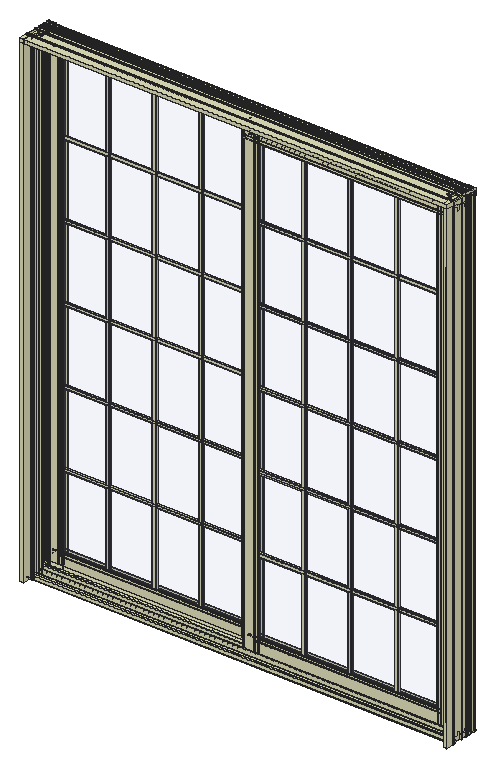
Revit family (continued)
Forms (in)
  Sweep 16, solid, material "Pella-Exterior Clad-Tan" <- "Exterior Finish"
    profile origin (-34.5, 2.95276, 40.75) x (-1, 0, 0) y (0, -1, 0)
      loop
        line (-1.87399, 1.57586) -> (-1.87399, 0.74725)
        arc (-1.87399, 0.74725) -> (-1.8556, 0.69995) -> (-1.81009, 0.67751) r 0.07
        line (-1.81009, 0.67751) -> (-1.61308, 0.66028)
        arc (-1.61308, 0.66028) -> (-1.57885, 0.6172) -> (-1.61308, 0.57411) r 0.04423
        line (-1.61308, 0.57411) -> (-1.76602, 0.55131)
        arc (-1.76602, 0.55131) -> (-1.80122, 0.55432) -> (-1.81979, 0.52426) r 0.03372
        arc (-1.81979, 0.52426) -> (-1.8065, 0.49217) -> (-1.7744, 0.47887) r 0.04539
        line (-1.7744, 0.47887) -> (-0.03612, 0.47887)
        arc (-0.03612, 0.47887) -> (0.03467, 0.5082) -> (0.064, 0.579) r 0.10012
        line (0.064, 0.579) -> (0.064, 1.63986)
        arc (0.064, 1.63986) -> (0.03607, 1.70921) -> (-0.03211, 1.73986) r 0.10008
        line (-0.03211, 1.73986) -> (-1.79461, 1.73986)
        arc (-1.79461, 1.73986) -> (-1.84782, 1.73157) -> (-1.89599, 1.7075) r 0.175
      loop
        arc (-1.55158, 0.68241) -> (-1.53113, 0.64953) -> (-1.52399, 0.61148) r 0.105
        line (-1.52399, 0.61148) -> (-1.52399, 0.5791)
        arc (-1.52399, 0.5791) -> (-1.51081, 0.54728) -> (-1.47899, 0.5341) r 0.045
        line (-1.47899, 0.5341) -> (-0.03608, 0.5341)
        arc (-0.03608, 0.5341) -> (-0.00426, 0.54728) -> (0.00892, 0.5791) r 0.045
        line (0.00892, 0.5791) -> (0.00892, 1.63986)
        arc (0.00892, 1.63986) -> (-0.00426, 1.67168) -> (-0.03608, 1.68486) r 0.045
        line (-0.03608, 1.68486) -> (-1.75899, 1.68486)
        arc (-1.75899, 1.68486) -> (-1.79081, 1.67168) -> (-1.80399, 1.63986) r 0.045
        line (-1.80399, 1.63986) -> (-1.80399, 0.77342)
        arc (-1.80399, 0.77342) -> (-1.79217, 0.74302) -> (-1.76291, 0.72859) r 0.045
        line (-1.76291, 0.72859) -> (-1.61984, 0.71608)
        arc (-1.61984, 0.71608) -> (-1.58255, 0.70565) -> (-1.55158, 0.68241) r 0.105
  Sweep 17, solid, material "Pella-Exterior Clad-Tan" <- "Exterior Finish"
    path origin (0, 2.95276, 0) x (1, 0, 0) y (0, 0, 1)
      loop
        line (-34.5, 78.37601) -> (-34.5, 3.09358)
    profile origin (-34.5, 2.95276, 40.7348) x (0, -1, 0) y (1, 0, 0)
      loop
        arc (0.54962, 1.82012) -> (0.57388, 1.79258) -> (0.55265, 1.76264) r 0.02957
        line (0.55265, 1.76264) -> (0.61811, 1.62224)
        arc (0.61811, 1.62224) -> (0.64946, 1.60915) -> (0.6654, 1.63914) r 0.02522
        line (0.6654, 1.63914) -> (0.61319, 1.75108)
        arc (0.61319, 1.75108) -> (0.61224, 1.83256) -> (0.54015, 1.87053) r 0.07961
        line (0.54015, 1.87053) -> (0.54015, 2.37194)
        arc (0.54015, 2.37194) -> (0.55441, 2.39221) -> (0.55807, 2.41673) r 0.05376
        arc (0.55807, 2.41673) -> (0.55224, 2.4308) -> (0.53818, 2.43662) r 0.01989
        arc (0.53818, 2.43662) -> (0.50736, 2.43215) -> (0.49019, 2.40617) r 0.03806
        line (0.49019, 2.40617) -> (0.49019, 1.88933)
        arc (0.49019, 1.88933) -> (0.50709, 1.84372) -> (0.54962, 1.82012) r 0.07001
  Sweep 18, solid, material "Pella-Exterior Clad-Tan" <- "Exterior Finish"
    path origin (0, 2.95276, 0) x (1, 0, 0) y (0, 0, 1)
      loop
        line (-1.53396, 3.09358) -> (-1.53396, 78.37601)
    profile origin (-1.53396, 2.95276, 40.7348) x (-1, 0, 0) y (0, -1, 0)
      loop
        arc (-0.05387, 0.54962) -> (-0.03027, 0.50709) -> (0.01534, 0.49019) r 0.07001
        line (0.01534, 0.49019) -> (0.53218, 0.49019)
        arc (0.53218, 0.49019) -> (0.55816, 0.50736) -> (0.56263, 0.53818) r 0.03806
        arc (0.56263, 0.53818) -> (0.55681, 0.55224) -> (0.54274, 0.55807) r 0.01989
        arc (0.54274, 0.55807) -> (0.51822, 0.55441) -> (0.49794, 0.54015) r 0.05376
        line (0.49794, 0.54015) -> (-0.00346, 0.54015)
        arc (-0.00346, 0.54015) -> (-0.04143, 0.61224) -> (-0.12291, 0.61319) r 0.07961
        line (-0.12291, 0.61319) -> (-0.23485, 0.6654)
        arc (-0.23485, 0.6654) -> (-0.26484, 0.64946) -> (-0.25175, 0.61811) r 0.02522
        line (-0.25175, 0.61811) -> (-0.11135, 0.55265)
        arc (-0.11135, 0.55265) -> (-0.08141, 0.57388) -> (-0.05387, 0.54962) r 0.02957
  Sweep 19, solid, material "Pella-Exterior Clad-Tan" <- "Exterior Finish"
    path origin (0, 2.95276, 0) x (1, 0, 0) y (0, 0, 1)
      loop
        line (0, 1.25) -> (0, 80.25)
    profile origin (0, 2.95276, 40.75) x (-1, 0, 0) y (0, -1, 0)
      loop
        arc (1.55596, 1.7075) -> (1.50779, 1.73157) -> (1.45458, 1.73986) r 0.175
        line (1.45458, 1.73986) -> (-0.30792, 1.73986)
        arc (-0.30792, 1.73986) -> (-0.37611, 1.70921) -> (-0.40404, 1.63986) r 0.10008
        line (-0.40404, 1.63986) -> (-0.40404, 0.579)
        arc (-0.40404, 0.579) -> (-0.37471, 0.5082) -> (-0.30391, 0.47887) r 0.10012
        line (-0.30391, 0.47887) -> (1.43437, 0.47887)
        arc (1.43437, 0.47887) -> (1.46646, 0.49217) -> (1.47976, 0.52426) r 0.04539
        arc (1.47976, 0.52426) -> (1.46119, 0.55432) -> (1.42598, 0.55131) r 0.03372
        line (1.42598, 0.55131) -> (1.27304, 0.57411)
        arc (1.27304, 0.57411) -> (1.23882, 0.6172) -> (1.27304, 0.66028) r 0.04423
        line (1.27304, 0.66028) -> (1.47006, 0.67751)
        arc (1.47006, 0.67751) -> (1.51557, 0.69995) -> (1.53396, 0.74725) r 0.07
        line (1.53396, 0.74725) -> (1.53396, 1.57586)
        arc (1.53396, 1.57586) -> (1.54714, 1.60768) -> (1.57896, 1.62086) r 0.045
        line (1.57896, 1.62086) -> (2.00507, 1.62086)
        arc (2.00507, 1.62086) -> (2.02055, 1.61445) -> (2.02696, 1.59897) r 0.02189
        arc (2.02696, 1.59897) -> (2.03281, 1.58483) -> (2.04696, 1.57897) r 0.02
        line (2.04696, 1.57897) -> (2.08042, 1.57897)
        arc (2.08042, 1.57897) -> (2.09258, 1.5929) -> (2.09696, 1.61086) r 0.03901
        arc (2.09696, 1.61086) -> (2.07353, 1.66743) -> (2.01696, 1.69086) r 0.08
        line (2.01696, 1.69086) -> (1.6081, 1.69086)
        arc (1.6081, 1.69086) -> (1.58073, 1.69512) -> (1.55596, 1.7075) r 0.09
      loop
        arc (1.21154, 0.68241) -> (1.24252, 0.70565) -> (1.27981, 0.71608) r 0.105
        line (1.27981, 0.71608) -> (1.42288, 0.72859)
        arc (1.42288, 0.72859) -> (1.45213, 0.74302) -> (1.46396, 0.77342) r 0.045
        line (1.46396, 0.77342) -> (1.46396, 1.63986)
        arc (1.46396, 1.63986) -> (1.45078, 1.67168) -> (1.41896, 1.68486) r 0.045
        line (1.41896, 1.68486) -> (-0.30395, 1.68486)
        arc (-0.30395, 1.68486) -> (-0.33577, 1.67168) -> (-0.34895, 1.63986) r 0.045
        line (-0.34895, 1.63986) -> (-0.34895, 0.5791)
        arc (-0.34895, 0.5791) -> (-0.33577, 0.54728) -> (-0.30395, 0.5341) r 0.045
        line (-0.30395, 0.5341) -> (1.13896, 0.5341)
        arc (1.13896, 0.5341) -> (1.17078, 0.54728) -> (1.18396, 0.5791) r 0.045
        line (1.18396, 0.5791) -> (1.18396, 0.61148)
        arc (1.18396, 0.61148) -> (1.1911, 0.64953) -> (1.21154, 0.68241) r 0.105
  Sweep 20, solid, material "Pella-Exterior Clad-Tan" <- "Exterior Finish"
    path origin (0, 2.95276, 0) x (1, 0, 0) y (0, 0, 1)
      loop
        line (1.53396, 78.37601) -> (1.53396, 3.09358)
    profile origin (1.53396, 2.95276, 40.7348) x (0, -1, 0) y (1, 0, 0)
      loop
        arc (2.30574, -0.05387) -> (2.32999, -0.08141) -> (2.30876, -0.11135) r 0.02957
        line (2.30876, -0.11135) -> (2.37423, -0.25175)
        arc (2.37423, -0.25175) -> (2.40557, -0.26484) -> (2.42151, -0.23485) r 0.02522
        line (2.42151, -0.23485) -> (2.3693, -0.12291)
        arc (2.3693, -0.12291) -> (2.36836, -0.04143) -> (2.29626, -0.00346) r 0.07961
        line (2.29626, -0.00346) -> (2.29626, 0.49794)
        arc (2.29626, 0.49794) -> (2.31053, 0.51822) -> (2.31418, 0.54274) r 0.05376
        arc (2.31418, 0.54274) -> (2.30836, 0.55681) -> (2.29429, 0.56263) r 0.01989
        arc (2.29429, 0.56263) -> (2.26347, 0.55816) -> (2.24631, 0.53218) r 0.03806
        line (2.24631, 0.53218) -> (2.24631, 0.01534)
        arc (2.24631, 0.01534) -> (2.2632, -0.03027) -> (2.30574, -0.05387) r 0.07001
  Extrusion 21, solid, material "Pella-Argon Filled, Low-E Insulating Glass" <- "Glazing Type"
    sketch origin (0, 0.63857, 0) x (-1, 0, 0) y (0, 0, 1)
      loop
        line (-32.54727, 3.17232) -> (-1.6127, 3.17232) -> (-1.6127, 78.29727) -> (-32.54727, 78.29727) -> (-32.54727, 3.17232)
    from 0 to -0.11811
  Extrusion 22, solid, material "Pella-Argon Filled, Low-E Insulating Glass" <- "Glazing Type"
    sketch origin (0, -0.25721, 0) x (-1, 0, 0) y (0, 0, 1)
      loop
        line (-32.54727, 78.29727) -> (-32.54727, 3.17232) -> (-1.6127, 3.17232) -> (-1.6127, 78.29727) -> (-32.54727, 78.29727)
    from 0 to -0.11811
  Sweep 23, solid, material "Pella-Exterior Clad-Tan" <- "Exterior Finish"
    path origin (0, 0.63857, 0) x (-1, 0, 0) y (0, 0, 1)
      loop
        line (-0.42644, 1.25) -> (34.5, 1.25)
    profile origin (-17.03678, 0.63857, 1.25) x (0, 0, 1) y (0, 1, 0)
      loop
        arc (1.86558, 0.61369) -> (1.89036, 0.62607) -> (1.91772, 0.63033) r 0.09
        line (1.91772, 0.63033) -> (2.32658, 0.63033)
        arc (2.32658, 0.63033) -> (2.38315, 0.65376) -> (2.40658, 0.71033) r 0.08
        arc (2.40658, 0.71033) -> (2.4022, 0.72829) -> (2.39005, 0.74222) r 0.03901
        line (2.39005, 0.74222) -> (2.35658, 0.74222)
        arc (2.35658, 0.74222) -> (2.34244, 0.73636) -> (2.33658, 0.72222) r 0.02
        arc (2.33658, 0.72222) -> (2.33017, 0.70674) -> (2.3147, 0.70033) r 0.02189
        line (2.3147, 0.70033) -> (1.88858, 0.70033)
        arc (1.88858, 0.70033) -> (1.85676, 0.71351) -> (1.84358, 0.74533) r 0.045
        line (1.84358, 0.74533) -> (1.84358, 1.57394)
        arc (1.84358, 1.57394) -> (1.82519, 1.62123) -> (1.77968, 1.64368) r 0.07
        line (1.77968, 1.64368) -> (1.58267, 1.66091)
        arc (1.58267, 1.66091) -> (1.54844, 1.70399) -> (1.58267, 1.74707) r 0.04423
        line (1.58267, 1.74707) -> (1.73561, 1.76988)
        arc (1.73561, 1.76988) -> (1.77082, 1.76687) -> (1.78938, 1.79693) r 0.03372
        arc (1.78938, 1.79693) -> (1.77609, 1.82902) -> (1.74399, 1.84231) r 0.04539
        line (1.74399, 1.84231) -> (0.00572, 1.84231)
        arc (0.00572, 1.84231) -> (-0.06508, 1.81299) -> (-0.09441, 1.74219) r 0.10012
        line (-0.09441, 1.74219) -> (-0.09441, 0.68133)
        arc (-0.09441, 0.68133) -> (-0.06648, 0.61198) -> (0.0017, 0.58133) r 0.10008
        line (0.0017, 0.58133) -> (1.7642, 0.58133)
        arc (1.7642, 0.58133) -> (1.81741, 0.58962) -> (1.86558, 0.61369) r 0.175
      loop
        arc (1.52117, 1.63878) -> (1.50072, 1.67166) -> (1.49358, 1.70971) r 0.105
        line (1.49358, 1.70971) -> (1.49358, 1.74209)
        arc (1.49358, 1.74209) -> (1.4804, 1.77391) -> (1.44858, 1.78709) r 0.045
        line (1.44858, 1.78709) -> (0.00567, 1.78709)
        arc (0.00567, 1.78709) -> (-0.02615, 1.77391) -> (-0.03933, 1.74209) r 0.045
        line (-0.03933, 1.74209) -> (-0.03933, 0.68133)
        arc (-0.03933, 0.68133) -> (-0.02615, 0.64951) -> (0.00567, 0.63633) r 0.045
        line (0.00567, 0.63633) -> (1.72858, 0.63633)
        arc (1.72858, 0.63633) -> (1.7604, 0.64951) -> (1.77358, 0.68133) r 0.045
        line (1.77358, 0.68133) -> (1.77358, 1.54777)
        arc (1.77358, 1.54777) -> (1.76176, 1.57817) -> (1.7325, 1.59259) r 0.045
        line (1.7325, 1.59259) -> (1.58943, 1.60511)
        arc (1.58943, 1.60511) -> (1.55214, 1.61554) -> (1.52117, 1.63878) r 0.105
  Sweep 24, solid, material "Pella-Exterior Clad-Tan" <- "Exterior Finish"
    path origin (0, 0.63857, 0) x (-1, 0, 0) y (0, 0, 1)
      loop
        line (-0.42644, 1.25) -> (34.5, 1.25)
    profile origin (-17.03678, 0.63857, 1.25) x (0, 0, 1) y (0, 1, 0)
      loop
        arc (1.78971, 1.76456) -> (1.76217, 1.7403) -> (1.73223, 1.76154) r 0.02957
        line (1.73223, 1.76154) -> (1.59183, 1.69607)
        arc (1.59183, 1.69607) -> (1.57874, 1.66472) -> (1.60873, 1.64878) r 0.02522
        line (1.60873, 1.64878) -> (1.72067, 1.70099)
        arc (1.72067, 1.70099) -> (1.80215, 1.70194) -> (1.84012, 1.77404) r 0.07961
        line (1.84012, 1.77404) -> (2.34153, 1.77404)
        arc (2.34153, 1.77404) -> (2.3618, 1.75977) -> (2.38632, 1.75611) r 0.05376
        arc (2.38632, 1.75611) -> (2.40039, 1.76194) -> (2.40621, 1.776) r 0.01989
        arc (2.40621, 1.776) -> (2.40174, 1.80682) -> (2.37576, 1.82399) r 0.03806
        line (2.37576, 1.82399) -> (1.85892, 1.82399)
        arc (1.85892, 1.82399) -> (1.81331, 1.80709) -> (1.78971, 1.76456) r 0.07001
  Sweep 25, solid, material "Pella-Exterior Clad-Tan" <- "Exterior Finish"
    path origin (0, 0.63857, 0) x (-1, 0, 0) y (0, 0, 1)
      loop
        line (-0.42644, 80.25) -> (34.5, 80.25)
    profile origin (-17.03678, 0.63857, 80.25) x (0, 0, 1) y (0, 1, 0)
      loop
        arc (-1.82012, 1.76456) -> (-1.84372, 1.80709) -> (-1.88933, 1.82399) r 0.07001
        line (-1.88933, 1.82399) -> (-2.40617, 1.82399)
        arc (-2.40617, 1.82399) -> (-2.43215, 1.80682) -> (-2.43662, 1.776) r 0.03806
        arc (-2.43662, 1.776) -> (-2.4308, 1.76194) -> (-2.41673, 1.75611) r 0.01989
        arc (-2.41673, 1.75611) -> (-2.39221, 1.75977) -> (-2.37194, 1.77404) r 0.05376
        line (-2.37194, 1.77404) -> (-1.87053, 1.77404)
        arc (-1.87053, 1.77404) -> (-1.83256, 1.70194) -> (-1.75108, 1.70099) r 0.07961
        line (-1.75108, 1.70099) -> (-1.63914, 1.64878)
        arc (-1.63914, 1.64878) -> (-1.60915, 1.66472) -> (-1.62224, 1.69607) r 0.02522
        line (-1.62224, 1.69607) -> (-1.76264, 1.76154)
        arc (-1.76264, 1.76154) -> (-1.79258, 1.7403) -> (-1.82012, 1.76456) r 0.02957
  Sweep 26, solid, material "Pella-Exterior Clad-Tan" <- "Grille Finish", visible <- "Vertical Mullion 3"
    path origin (0, 2.39469, 0) x (0, 0, -1) y (1, 0, 0)
      loop
        line (-3.09358, 17.07998) -> (-78.37601, 17.07998)
    profile origin (17.07998, 2.39469, 40.7348) x (-1, 0, 0) y (0, -1, 0)
      loop
        line (-0.375, 2.33196) -> (-0.375, 2.19417) -> (-0.21555, 2.17734) -> (-0.19685, 2.14495) -> (0.19685, 2.14495) -> (0.21555, 2.17734) -> (0.375, 2.19417) -> (0.375, 2.33196) -> (0.21555, 2.34878) -> (0.19685, 2.38117) -> (-0.19685, 2.38117) -> (-0.21555, 2.34878) -> (-0.375, 2.33196)
      loop
        line (7.39801, 2.33196) -> (7.39801, 2.19417) -> (7.55746, 2.17734) -> (7.57616, 2.14495) -> (7.96986, 2.14495) -> (7.98856, 2.17734) -> (8.14801, 2.19417) -> (8.14801, 2.33196) -> (7.98856, 2.34878) -> (7.96986, 2.38117) -> (7.57616, 2.38117) -> (7.55746, 2.34878) -> (7.39801, 2.33196)
      loop
        line (-8.14801, 2.33196) -> (-8.14801, 2.19417) -> (-7.98856, 2.17734) -> (-7.96986, 2.14495) -> (-7.57616, 2.14495) -> (-7.55746, 2.17734) -> (-7.39801, 2.19417) -> (-7.39801, 2.33196) -> (-7.55746, 2.34878) -> (-7.57616, 2.38117) -> (-7.96986, 2.38117) -> (-7.98856, 2.34878) -> (-8.14801, 2.33196)
  Sweep 27, solid, material "Pella-Exterior Clad-Tan" <- "Grille Finish", visible <- "Vertical Mullion 3"
    path origin (0, 0.63857, 0) x (-1, 0, 0) y (0, 0, 1)
      loop
        line (17.07998, 3.09358) -> (17.07998, 78.37601)
    profile origin (-17.07998, 0.63857, 40.7348) x (1, 0, 0) y (0, 1, 0)
      loop
        line (-0.375, 1.18027) -> (-0.21555, 1.16345) -> (-0.19685, 1.13106) -> (0.19685, 1.13106) -> (0.21555, 1.16345) -> (0.375, 1.18027) -> (0.375, 1.31806) -> (0.21555, 1.33488) -> (0.19685, 1.36728) -> (-0.19685, 1.36728) -> (-0.21555, 1.33488) -> (-0.375, 1.31806) -> (-0.375, 1.18027)
      loop
        line (-7.39801, 1.18027) -> (-7.39801, 1.31806) -> (-7.55746, 1.33488) -> (-7.57616, 1.36728) -> (-7.96986, 1.36728) -> (-7.98856, 1.33488) -> (-8.14801, 1.31806) -> (-8.14801, 1.18027) -> (-7.98856, 1.16345) -> (-7.96986, 1.13106) -> (-7.57616, 1.13106) -> (-7.55746, 1.16345) -> (-7.39801, 1.18027)
      loop
        line (8.14801, 1.18027) -> (8.14801, 1.31806) -> (7.98856, 1.33488) -> (7.96986, 1.36728) -> (7.57616, 1.36728) -> (7.55746, 1.33488) -> (7.39801, 1.31806) -> (7.39801, 1.18027) -> (7.55746, 1.16345) -> (7.57616, 1.13106) -> (7.96986, 1.13106) -> (7.98856, 1.16345) -> (8.14801, 1.18027)
  Sweep 28, solid, material "Pella-Exterior Clad-Tan" <- "Grille Finish", visible <- "Vertical Mullion 2"
    path origin (0, 2.39469, 0) x (0, 0, -1) y (1, 0, 0)
      loop
        line (-3.09358, 17.07998) -> (-78.37601, 17.07998)
    profile origin (17.07998, 2.39469, 40.7348) x (-1, 0, 0) y (0, -1, 0)
      loop
        line (5.55701, 2.33196) -> (5.39756, 2.34878) -> (5.37886, 2.38117) -> (4.98516, 2.38117) -> (4.96646, 2.34878) -> (4.80701, 2.33196) -> (4.80701, 2.19417) -> (4.96646, 2.17734) -> (4.98516, 2.14495) -> (5.37886, 2.14495) -> (5.39756, 2.17734) -> (5.55701, 2.19417) -> (5.55701, 2.33196)
      loop
        line (-4.80701, 2.33196) -> (-4.96646, 2.34878) -> (-4.98516, 2.38117) -> (-5.37886, 2.38117) -> (-5.39756, 2.34878) -> (-5.55701, 2.33196) -> (-5.55701, 2.19417) -> (-5.39756, 2.17734) -> (-5.37886, 2.14495) -> (-4.98516, 2.14495) -> (-4.96646, 2.17734) -> (-4.80701, 2.19417) -> (-4.80701, 2.33196)
  Sweep 29, solid, material "Pella-Exterior Clad-Tan" <- "Grille Finish", visible <- "Vertical Mullion 2"
    path origin (0, -0.25721, 0) x (-1, 0, 0) y (0, 0, 1)
      loop
        line (17.07998, 78.37601) -> (17.07998, 3.09358)
    profile origin (-17.07998, -0.25721, 40.7348) x (0, 1, 0) y (-1, 0, 0)
      loop
        line (2.07606, 5.55701) -> (2.05923, 5.39756) -> (2.02684, 5.37886) -> (2.02684, 4.98516) -> (2.05923, 4.96646) -> (2.07606, 4.80701) -> (2.21385, 4.80701) -> (2.23067, 4.96646) -> (2.26306, 4.98516) -> (2.26306, 5.37886) -> (2.23067, 5.39756) -> (2.21385, 5.55701) -> (2.07606, 5.55701)
      loop
        line (2.07606, -4.80701) -> (2.05923, -4.96646) -> (2.02684, -4.98516) -> (2.02684, -5.37886) -> (2.05923, -5.39756) -> (2.07606, -5.55701) -> (2.21385, -5.55701) -> (2.23067, -5.39756) -> (2.26306, -5.37886) -> (2.26306, -4.98516) -> (2.23067, -4.96646) -> (2.21385, -4.80701) -> (2.07606, -4.80701)
  Sweep 30, solid, material "Pella-Exterior Clad-Tan" <- "Grille Finish", visible <- "Horizontal Mullion 5"
    path origin (0, 2.39469, 0) x (0, 0, -1) y (1, 0, 0)
      loop
        line (-40.7348, 32.62601) -> (-40.7348, 1.53396)
    profile origin (17.07998, 2.39469, 40.7348) x (0, 0, -1) y (0, -1, 0)
      loop
        line (-25.29108, 2.19417) -> (-25.13163, 2.17734) -> (-25.11293, 2.14495) -> (-24.71923, 2.14495) -> (-24.70053, 2.17734) -> (-24.54108, 2.19417) -> (-24.54108, 2.33196) -> (-24.70053, 2.34878) -> (-24.71923, 2.38117) -> (-25.11293, 2.38117) -> (-25.13163, 2.34878) -> (-25.29108, 2.33196) -> (-25.29108, 2.19417)
      loop
        line (-0.375, 2.19417) -> (-0.21555, 2.17734) -> (-0.19685, 2.14495) -> (0.19685, 2.14495) -> (0.21555, 2.17734) -> (0.375, 2.19417) -> (0.375, 2.33196) -> (0.21555, 2.34878) -> (0.19685, 2.38117) -> (-0.19685, 2.38117) -> (-0.21555, 2.34878) -> (-0.375, 2.33196) -> (-0.375, 2.19417)
      loop
        line (24.54108, 2.19417) -> (24.70053, 2.17734) -> (24.71923, 2.14495) -> (25.11293, 2.14495) -> (25.13163, 2.17734) -> (25.29108, 2.19417) -> (25.29108, 2.33196) -> (25.13163, 2.34878) -> (25.11293, 2.38117) -> (24.71923, 2.38117) -> (24.70053, 2.34878) -> (24.54108, 2.33196) -> (24.54108, 2.19417)
      loop
        line (12.08304, 2.19417) -> (12.24249, 2.17734) -> (12.26119, 2.14495) -> (12.65489, 2.14495) -> (12.67359, 2.17734) -> (12.83304, 2.19417) -> (12.83304, 2.33196) -> (12.67359, 2.34878) -> (12.65489, 2.38117) -> (12.26119, 2.38117) -> (12.24249, 2.34878) -> (12.08304, 2.33196) -> (12.08304, 2.19417)
      loop
        line (-12.83304, 2.19417) -> (-12.67359, 2.17734) -> (-12.65489, 2.14495) -> (-12.26119, 2.14495) -> (-12.24249, 2.17734) -> (-12.08304, 2.19417) -> (-12.08304, 2.33196) -> (-12.24249, 2.34878) -> (-12.26119, 2.38117) -> (-12.65489, 2.38117) -> (-12.67359, 2.34878) -> (-12.83304, 2.33196) -> (-12.83304, 2.19417)
  Sweep 31, solid, material "Pella-Exterior Clad-Tan" <- "Grille Finish", visible <- "Horizontal Mullion 5"
    path origin (0, 0.63857, 0) x (-1, 0, 0) y (0, 0, 1)
      loop
        line (1.53396, 40.7348) -> (32.62601, 40.7348)
    profile origin (-17.07998, 0.63857, 40.7348) x (0, 0, 1) y (0, 1, 0)
      loop
        line (-24.54108, 1.31806) -> (-24.70053, 1.33488) -> (-24.71923, 1.36728) -> (-25.11293, 1.36728) -> (-25.13163, 1.33488) -> (-25.29108, 1.31806) -> (-25.29108, 1.18027) -> (-25.13163, 1.16345) -> (-25.11293, 1.13106) -> (-24.71923, 1.13106) -> (-24.70053, 1.16345) -> (-24.54108, 1.18027) -> (-24.54108, 1.31806)
      loop
        line (0.375, 1.31806) -> (0.21555, 1.33488) -> (0.19685, 1.36728) -> (-0.19685, 1.36728) -> (-0.21555, 1.33488) -> (-0.375, 1.31806) -> (-0.375, 1.18027) -> (-0.21555, 1.16345) -> (-0.19685, 1.13106) -> (0.19685, 1.13106) -> (0.21555, 1.16345) -> (0.375, 1.18027) -> (0.375, 1.31806)
      loop
        line (25.29108, 1.31806) -> (25.13163, 1.33488) -> (25.11293, 1.36728) -> (24.71923, 1.36728) -> (24.70053, 1.33488) -> (24.54108, 1.31806) -> (24.54108, 1.18027) -> (24.70053, 1.16345) -> (24.71923, 1.13106) -> (25.11293, 1.13106) -> (25.13163, 1.16345) -> (25.29108, 1.18027) -> (25.29108, 1.31806)
      loop
        line (-12.08304, 1.31806) -> (-12.24249, 1.33488) -> (-12.26119, 1.36728) -> (-12.65489, 1.36728) -> (-12.67359, 1.33488) -> (-12.83304, 1.31806) -> (-12.83304, 1.18027) -> (-12.67359, 1.16345) -> (-12.65489, 1.13106) -> (-12.26119, 1.13106) -> (-12.24249, 1.16345) -> (-12.08304, 1.18027) -> (-12.08304, 1.31806)
      loop
        line (12.83304, 1.31806) -> (12.67359, 1.33488) -> (12.65489, 1.36728) -> (12.26119, 1.36728) -> (12.24249, 1.33488) -> (12.08304, 1.31806) -> (12.08304, 1.18027) -> (12.24249, 1.16345) -> (12.26119, 1.13106) -> (12.65489, 1.13106) -> (12.67359, 1.16345) -> (12.83304, 1.18027) -> (12.83304, 1.31806)
  Sweep 32, solid, material "Pella-Exterior Clad-Tan" <- "Grille Finish", visible <- "Horizontal Mullion 6"
    path origin (0, 2.39469, 0) x (0, 0, -1) y (1, 0, 0)
      loop
        line (-40.7348, 32.62601) -> (-40.7348, 1.53396)
    profile origin (17.07998, 2.39469, 40.7348) x (0, 0, -1) y (0, -1, 0)
      loop
        line (26.3208, 2.19417) -> (26.48025, 2.17734) -> (26.49895, 2.14495) -> (26.89265, 2.14495) -> (26.91135, 2.17734) -> (27.0708, 2.19417) -> (27.0708, 2.33196) -> (26.91135, 2.34878) -> (26.89265, 2.38117) -> (26.49895, 2.38117) -> (26.48025, 2.34878) -> (26.3208, 2.33196) -> (26.3208, 2.19417)
      loop
        line (4.96416, 2.19417) -> (5.12361, 2.17734) -> (5.14231, 2.14495) -> (5.53601, 2.14495) -> (5.55471, 2.17734) -> (5.71416, 2.19417) -> (5.71416, 2.33196) -> (5.55471, 2.34878) -> (5.53601, 2.38117) -> (5.14231, 2.38117) -> (5.12361, 2.34878) -> (4.96416, 2.33196) -> (4.96416, 2.19417)
      loop
        line (-5.71416, 2.19417) -> (-5.55471, 2.17734) -> (-5.53601, 2.14495) -> (-5.14231, 2.14495) -> (-5.12361, 2.17734) -> (-4.96416, 2.19417) -> (-4.96416, 2.33196) -> (-5.12361, 2.34878) -> (-5.14231, 2.38117) -> (-5.53601, 2.38117) -> (-5.55471, 2.34878) -> (-5.71416, 2.33196) -> (-5.71416, 2.19417)
      loop
        line (-27.0708, 2.19417) -> (-26.91135, 2.17734) -> (-26.89265, 2.14495) -> (-26.49895, 2.14495) -> (-26.48025, 2.17734) -> (-26.3208, 2.19417) -> (-26.3208, 2.33196) -> (-26.48025, 2.34878) -> (-26.49895, 2.38117) -> (-26.89265, 2.38117) -> (-26.91135, 2.34878) -> (-27.0708, 2.33196) -> (-27.0708, 2.19417)
      loop
        line (15.64248, 2.19417) -> (15.80193, 2.17734) -> (15.82063, 2.14495) -> (16.21433, 2.14495) -> (16.23303, 2.17734) -> (16.39248, 2.19417) -> (16.39248, 2.33196) -> (16.23303, 2.34878) -> (16.21433, 2.38117) -> (15.82063, 2.38117) -> (15.80193, 2.34878) -> (15.64248, 2.33196) -> (15.64248, 2.19417)
      loop
        line (-16.39248, 2.19417) -> (-16.23303, 2.17734) -> (-16.21433, 2.14495) -> (-15.82063, 2.14495) -> (-15.80193, 2.17734) -> (-15.64248, 2.19417) -> (-15.64248, 2.33196) -> (-15.80193, 2.34878) -> (-15.82063, 2.38117) -> (-16.21433, 2.38117) -> (-16.23303, 2.34878) -> (-16.39248, 2.33196) -> (-16.39248, 2.19417)
  Sweep 33, solid, material "Pella-Exterior Clad-Tan" <- "Grille Finish", visible <- "Horizontal Mullion 6"
    path origin (0, 0.63857, 0) x (-1, 0, 0) y (0, 0, 1)
      loop
        line (1.53396, 40.7348) -> (32.62601, 40.7348)
    profile origin (-17.07998, 0.63857, 40.7348) x (0, 0, 1) y (0, 1, 0)
      loop
        line (-26.3208, 1.31806) -> (-26.48025, 1.33488) -> (-26.49895, 1.36728) -> (-26.89265, 1.36728) -> (-26.91135, 1.33488) -> (-27.0708, 1.31806) -> (-27.0708, 1.18027) -> (-26.91135, 1.16345) -> (-26.89265, 1.13106) -> (-26.49895, 1.13106) -> (-26.48025, 1.16345) -> (-26.3208, 1.18027) -> (-26.3208, 1.31806)
      loop
        line (-4.96416, 1.31806) -> (-5.12361, 1.33488) -> (-5.14231, 1.36728) -> (-5.53601, 1.36728) -> (-5.55471, 1.33488) -> (-5.71416, 1.31806) -> (-5.71416, 1.18027) -> (-5.55471, 1.16345) -> (-5.53601, 1.13106) -> (-5.14231, 1.13106) -> (-5.12361, 1.16345) -> (-4.96416, 1.18027) -> (-4.96416, 1.31806)
      loop
        line (5.71416, 1.31806) -> (5.55471, 1.33488) -> (5.53601, 1.36728) -> (5.14231, 1.36728) -> (5.12361, 1.33488) -> (4.96416, 1.31806) -> (4.96416, 1.18027) -> (5.12361, 1.16345) -> (5.14231, 1.13106) -> (5.53601, 1.13106) -> (5.55471, 1.16345) -> (5.71416, 1.18027) -> (5.71416, 1.31806)
      loop
        line (27.0708, 1.31806) -> (26.91135, 1.33488) -> (26.89265, 1.36728) -> (26.49895, 1.36728) -> (26.48025, 1.33488) -> (26.3208, 1.31806) -> (26.3208, 1.18027) -> (26.48025, 1.16345) -> (26.49895, 1.13106) -> (26.89265, 1.13106) -> (26.91135, 1.16345) -> (27.0708, 1.18027) -> (27.0708, 1.31806)
      loop
        line (-15.64248, 1.31806) -> (-15.80193, 1.33488) -> (-15.82063, 1.36728) -> (-16.21433, 1.36728) -> (-16.23303, 1.33488) -> (-16.39248, 1.31806) -> (-16.39248, 1.18027) -> (-16.23303, 1.16345) -> (-16.21433, 1.13106) -> (-15.82063, 1.13106) -> (-15.80193, 1.16345) -> (-15.64248, 1.18027) -> (-15.64248, 1.31806)
      loop
        line (16.39248, 1.31806) -> (16.23303, 1.33488) -> (16.21433, 1.36728) -> (15.82063, 1.36728) -> (15.80193, 1.33488) -> (15.64248, 1.31806) -> (15.64248, 1.18027) -> (15.80193, 1.16345) -> (15.82063, 1.13106) -> (16.21433, 1.13106) -> (16.23303, 1.16345) -> (16.39248, 1.18027) -> (16.39248, 1.31806)
  Sweep 34, solid, material "Pella-Exterior Clad-Tan" <- "Grille Finish", visible <- "Prairie Grille"
    path origin (0, 2.39469, 0) x (0, 0, -1) y (1, 0, 0)
      loop
        line (-3.09358, 17.07998) -> (-78.37601, 17.07998)
    profile origin (17.07998, 2.39469, 40.7348) x (-1, 0, 0) y (0, -1, 0)
      loop
        line (-12.50433, 2.33196) -> (-12.50433, 2.19417) -> (-12.34488, 2.17734) -> (-12.32618, 2.14495) -> (-11.93248, 2.14495) -> (-11.91378, 2.17734) -> (-11.75433, 2.19417) -> (-11.75433, 2.33196) -> (-11.91378, 2.34878) -> (-11.93248, 2.38117) -> (-12.32618, 2.38117) -> (-12.34488, 2.34878) -> (-12.50433, 2.33196)
      loop
        line (13.40876, 2.33196) -> (13.24931, 2.34878) -> (13.23061, 2.38117) -> (12.83691, 2.38117) -> (12.81821, 2.34878) -> (12.65876, 2.33196) -> (12.65876, 2.19417) -> (12.81821, 2.17734) -> (12.83691, 2.14495) -> (13.23061, 2.14495) -> (13.24931, 2.17734) -> (13.40876, 2.19417) -> (13.40876, 2.33196)
  Sweep 35, solid, material "Pella-Exterior Clad-Tan" <- "Grille Finish", visible <- "Prairie Grille"
    path origin (0, 0.63857, 0) x (-1, 0, 0) y (0, 0, 1)
      loop
        line (17.07998, 78.37601) -> (17.07998, 3.09358)
    profile origin (-17.07998, 0.63857, 40.7348) x (0, 1, 0) y (-1, 0, 0)
      loop
        line (1.18027, 12.50433) -> (1.16345, 12.34488) -> (1.13106, 12.32618) -> (1.13106, 11.93248) -> (1.16345, 11.91378) -> (1.18027, 11.75433) -> (1.31806, 11.75433) -> (1.33488, 11.91378) -> (1.36728, 11.93248) -> (1.36728, 12.32618) -> (1.33488, 12.34488) -> (1.31806, 12.50433) -> (1.18027, 12.50433)
      loop
        line (1.18027, -13.40876) -> (1.31806, -13.40876) -> (1.33488, -13.24931) -> (1.36728, -13.23061) -> (1.36728, -12.83691) -> (1.33488, -12.81821) -> (1.31806, -12.65876) -> (1.18027, -12.65876) -> (1.16345, -12.81821) -> (1.13106, -12.83691) -> (1.13106, -13.23061) -> (1.16345, -13.24931) -> (1.18027, -13.40876)
  Sweep 36, solid, material "Pella-Exterior Clad-Tan" <- "Grille Finish", visible <- "Prairie Grille"
    path origin (0, 2.39469, 0) x (0, 0, -1) y (1, 0, 0)
      loop
        line (-40.7348, 32.62601) -> (-40.7348, 1.53396)
    profile origin (17.07998, 2.39469, 40.7348) x (0, 0, -1) y (0, -1, 0)
      loop
        line (33.72291, 2.19417) -> (33.88235, 2.17734) -> (33.90106, 2.14495) -> (34.29476, 2.14495) -> (34.31346, 2.17734) -> (34.47291, 2.19417) -> (34.47291, 2.33196) -> (34.31346, 2.34878) -> (34.29476, 2.38117) -> (33.90106, 2.38117) -> (33.88235, 2.34878) -> (33.72291, 2.33196) -> (33.72291, 2.19417)
      loop
        line (-33.72291, 2.19417) -> (-33.72291, 2.33196) -> (-33.88235, 2.34878) -> (-33.90106, 2.38117) -> (-34.29476, 2.38117) -> (-34.31346, 2.34878) -> (-34.47291, 2.33196) -> (-34.47291, 2.19417) -> (-34.31346, 2.17734) -> (-34.29476, 2.14495) -> (-33.90106, 2.14495) -> (-33.88235, 2.17734) -> (-33.72291, 2.19417)
  Sweep 37, solid, material "Pella-Exterior Clad-Tan" <- "Grille Finish", visible <- "Prairie Grille"
    path origin (0, 0.63857, 0) x (-1, 0, 0) y (0, 0, 1)
      loop
        line (1.53396, 40.7348) -> (32.62601, 40.7348)
    profile origin (-17.07998, 0.63857, 40.7348) x (0, 0, 1) y (0, 1, 0)
      loop
        line (-33.72291, 1.31806) -> (-33.88235, 1.33488) -> (-33.90106, 1.36728) -> (-34.29476, 1.36728) -> (-34.31346, 1.33488) -> (-34.47291, 1.31806) -> (-34.47291, 1.18027) -> (-34.31346, 1.16345) -> (-34.29476, 1.13106) -> (-33.90106, 1.13106) -> (-33.88235, 1.16345) -> (-33.72291, 1.18027) -> (-33.72291, 1.31806)
      loop
        line (33.72291, 1.31806) -> (33.72291, 1.18027) -> (33.88235, 1.16345) -> (33.90106, 1.13106) -> (34.29476, 1.13106) -> (34.31346, 1.16345) -> (34.47291, 1.18027) -> (34.47291, 1.31806) -> (34.31346, 1.33488) -> (34.29476, 1.36728) -> (33.90106, 1.36728) -> (33.88235, 1.33488) -> (33.72291, 1.31806)
  Sweep 38, solid, material "Pella-Exterior Clad-Tan" <- "Exterior Finish"
    path origin (0, 2.95276, 0) x (1, 0, 0) y (0, 0, 1)
      loop
        line (34.5, 80.25) -> (-0.42645, 80.25)
    profile origin (17.03678, 2.95276, 80.25) x (0, 0, -1) y (0, -1, 0)
      loop
        arc (1.89599, 3.46361) -> (1.84782, 3.48769) -> (1.79461, 3.49597) r 0.175
        line (1.79461, 3.49597) -> (0.03211, 3.49597)
        arc (0.03211, 3.49597) -> (-0.03607, 3.46532) -> (-0.064, 3.39597) r 0.10008
        line (-0.064, 3.39597) -> (-0.064, 2.33511)
        arc (-0.064, 2.33511) -> (-0.03467, 2.26431) -> (0.03612, 2.23499) r 0.10012
        line (0.03612, 2.23499) -> (1.7744, 2.23499)
        arc (1.7744, 2.23499) -> (1.8065, 2.24828) -> (1.81979, 2.28038) r 0.04539
        arc (1.81979, 2.28038) -> (1.80122, 2.31044) -> (1.76602, 2.30742) r 0.03372
        line (1.76602, 2.30742) -> (1.61308, 2.33023)
        arc (1.61308, 2.33023) -> (1.57885, 2.37331) -> (1.61308, 2.41639) r 0.04423
        line (1.61308, 2.41639) -> (1.81009, 2.43363)
        arc (1.81009, 2.43363) -> (1.8556, 2.45607) -> (1.87399, 2.50336) r 0.07
        line (1.87399, 2.50336) -> (1.87399, 3.33197)
        arc (1.87399, 3.33197) -> (1.88717, 3.36379) -> (1.91899, 3.37697) r 0.045
        line (1.91899, 3.37697) -> (2.34511, 3.37697)
        arc (2.34511, 3.37697) -> (2.36058, 3.37056) -> (2.36699, 3.35509) r 0.02189
        arc (2.36699, 3.35509) -> (2.37285, 3.34094) -> (2.38699, 3.33509) r 0.02
        line (2.38699, 3.33509) -> (2.42046, 3.33509)
        arc (2.42046, 3.33509) -> (2.43261, 3.34901) -> (2.43699, 3.36697) r 0.03901
        arc (2.43699, 3.36697) -> (2.41356, 3.42354) -> (2.35699, 3.44697) r 0.08
        line (2.35699, 3.44697) -> (1.94813, 3.44697)
        arc (1.94813, 3.44697) -> (1.92077, 3.45123) -> (1.89599, 3.46361) r 0.09
      loop
        arc (1.55158, 2.43853) -> (1.58255, 2.46176) -> (1.61984, 2.47219) r 0.105
        line (1.61984, 2.47219) -> (1.76291, 2.48471)
        arc (1.76291, 2.48471) -> (1.79217, 2.49914) -> (1.80399, 2.52954) r 0.045
        line (1.80399, 2.52954) -> (1.80399, 3.39597)
        arc (1.80399, 3.39597) -> (1.79081, 3.42779) -> (1.75899, 3.44097) r 0.045
        line (1.75899, 3.44097) -> (0.03608, 3.44097)
        arc (0.03608, 3.44097) -> (0.00426, 3.42779) -> (-0.00892, 3.39597) r 0.045
        line (-0.00892, 3.39597) -> (-0.00892, 2.33522)
        arc (-0.00892, 2.33522) -> (0.00426, 2.3034) -> (0.03608, 2.29022) r 0.045
        line (0.03608, 2.29022) -> (1.47899, 2.29022)
        arc (1.47899, 2.29022) -> (1.51081, 2.3034) -> (1.52399, 2.33522) r 0.045
        line (1.52399, 2.33522) -> (1.52399, 2.36759)
        arc (1.52399, 2.36759) -> (1.53113, 2.40565) -> (1.55158, 2.43853) r 0.105
  Sweep 39, solid, material "Pella-Exterior Clad-Tan" <- "Exterior Finish"
    path origin (0, 2.95276, 0) x (1, 0, 0) y (0, 0, 1)
      loop
        line (0.42644, 80.25) -> (-34.5, 80.25)
    profile origin (-17.03678, 2.95276, 80.25) x (0, 0, -1) y (0, -1, 0)
      loop
        arc (1.89599, 1.70744) -> (1.84782, 1.73151) -> (1.79461, 1.7398) r 0.175
        line (1.79461, 1.7398) -> (0.03211, 1.7398)
        arc (0.03211, 1.7398) -> (-0.03607, 1.70914) -> (-0.064, 1.6398) r 0.10008
        line (-0.064, 1.6398) -> (-0.064, 0.57894)
        arc (-0.064, 0.57894) -> (-0.03467, 0.50814) -> (0.03612, 0.47881) r 0.10012
        line (0.03612, 0.47881) -> (1.7744, 0.47881)
        arc (1.7744, 0.47881) -> (1.8065, 0.49211) -> (1.81979, 0.5242) r 0.04539
        arc (1.81979, 0.5242) -> (1.80122, 0.55426) -> (1.76602, 0.55125) r 0.03372
        line (1.76602, 0.55125) -> (1.61308, 0.57405)
        arc (1.61308, 0.57405) -> (1.57885, 0.61713) -> (1.61308, 0.66021) r 0.04423
        line (1.61308, 0.66021) -> (1.81009, 0.67745)
        arc (1.81009, 0.67745) -> (1.8556, 0.69989) -> (1.87399, 0.74718) r 0.07
        line (1.87399, 0.74718) -> (1.87399, 1.5758)
        arc (1.87399, 1.5758) -> (1.88717, 1.60762) -> (1.91899, 1.6208) r 0.045
        line (1.91899, 1.6208) -> (2.34511, 1.6208)
        arc (2.34511, 1.6208) -> (2.36058, 1.61439) -> (2.36699, 1.59891) r 0.02189
        arc (2.36699, 1.59891) -> (2.37285, 1.58477) -> (2.38699, 1.57891) r 0.02
        line (2.38699, 1.57891) -> (2.42046, 1.57891)
        arc (2.42046, 1.57891) -> (2.43261, 1.59284) -> (2.43699, 1.6108) r 0.03901
        arc (2.43699, 1.6108) -> (2.41356, 1.66736) -> (2.35699, 1.6908) r 0.08
        line (2.35699, 1.6908) -> (1.94813, 1.6908)
        arc (1.94813, 1.6908) -> (1.92077, 1.69506) -> (1.89599, 1.70744) r 0.09
      loop
        arc (1.55158, 0.68235) -> (1.58255, 0.70559) -> (1.61984, 0.71601) r 0.105
        line (1.61984, 0.71601) -> (1.76291, 0.72853)
        arc (1.76291, 0.72853) -> (1.79217, 0.74296) -> (1.80399, 0.77336) r 0.045
        line (1.80399, 0.77336) -> (1.80399, 1.6398)
        arc (1.80399, 1.6398) -> (1.79081, 1.67162) -> (1.75899, 1.6848) r 0.045
        line (1.75899, 1.6848) -> (0.03608, 1.6848)
        arc (0.03608, 1.6848) -> (0.00426, 1.67162) -> (-0.00892, 1.6398) r 0.045
        line (-0.00892, 1.6398) -> (-0.00892, 0.57904)
        arc (-0.00892, 0.57904) -> (0.00426, 0.54722) -> (0.03608, 0.53404) r 0.045
        line (0.03608, 0.53404) -> (1.47899, 0.53404)
        arc (1.47899, 0.53404) -> (1.51081, 0.54722) -> (1.52399, 0.57904) r 0.045
        line (1.52399, 0.57904) -> (1.52399, 0.61141)
        arc (1.52399, 0.61141) -> (1.53113, 0.64947) -> (1.55158, 0.68235) r 0.105
  Sweep 40, solid, material "Pella-Exterior Clad-Tan" <- "Exterior Finish"
    path origin (0, 2.95276, 0) x (1, 0, 0) y (0, 0, 1)
      loop
        line (-1.53396, 80.25) -> (-1.53396, 1.25)
    profile origin (-1.53396, 2.95276, 40.75) x (0, -1, 0) y (1, 0, 0)
      loop
        arc (0.64394, 1.99834) -> (0.61395, 1.96913) -> (0.64237, 1.93839) r 0.03
        line (0.64237, 1.93839) -> (1.72649, 1.93839)
        arc (1.72649, 1.93839) -> (1.74063, 1.93249) -> (1.74649, 1.91834) r 0.02
        line (1.74649, 1.91834) -> (1.74649, 1.64834)
        arc (1.74649, 1.64834) -> (1.77649, 1.61834) -> (1.80649, 1.64834) r 0.03
        line (1.80649, 1.64834) -> (1.80649, 1.91834)
        arc (1.80649, 1.91834) -> (1.81235, 1.93249) -> (1.82649, 1.93834) r 0.02
        line (1.82649, 1.93834) -> (2.01749, 1.93834)
        arc (2.01749, 1.93834) -> (2.06345, 1.91931) -> (2.08249, 1.87334) r 0.065
        line (2.08249, 1.87334) -> (2.08249, 1.48034)
        arc (2.08249, 1.48034) -> (2.11249, 1.45034) -> (2.14249, 1.48034) r 0.03
        line (2.14249, 1.48034) -> (2.14249, 1.87334)
        arc (2.14249, 1.87334) -> (2.10588, 1.96173) -> (2.01749, 1.99834) r 0.125
        line (2.01749, 1.99834) -> (0.64394, 1.99834)
  Sweep 41, solid, material "Pella-Exterior Clad-Tan" <- "Interior Finish"
    path origin (0, 2.95276, 0) x (1, 0, 0) y (0, 0, 1)
      loop
        line (-0.42645, 1.25) -> (-34.5, 1.25)
    profile origin (-17.46322, 2.95276, 1.25) x (0, 0, -1) y (0, -1, 0)
      loop
        arc (0.22833, 2.01493) -> (0.19045, 2.06954) -> (0.12789, 2.092) r 0.109
        line (0.12789, 2.092) -> (-0.016, 2.09702) -> (-0.016, 2.23316) -> (0.11804, 2.23784) -> (0.18, 2.302) -> (0.18, 3.28598) -> (0.25, 3.28598) -> (0.25, 3.47398) -> (0.188, 3.53598) -> (-0.098, 3.53598) -> (-0.144, 3.48998) -> (-0.709, 3.48998) -> (-0.8125, 3.38648) -> (-0.8125, 2.96873) -> (-0.584, 1.89042) -> (-0.48397, 1.89042) -> (-0.43533, 1.93739) -> (-0.428, 2.14731) -> (-0.328, 2.14731) -> (-0.31985, 1.91401) -> (-0.22283, 1.82031) -> (0.188, 1.82031) -> (0.25, 1.88231) -> (0.25, 1.94404) -> (0.22833, 2.01493)
Lines and regions (in)
  Opening 1
    outline origin (137.79528, -2.95276, 0) x (1, 0, 0) y (0, 0, 1)
      loop
        line (-102.04528, 0) -> (-102.04528, 81.5) -> (-173.54528, 81.5) -> (-173.54528, 0) -> (-102.04528, 0)
  model lines
    curve 1: line (7.38287, 2.95276, 42.7033) -> (7.38287, 2.95276, 38.76629)
    curve 2: line (7.38287, 2.95276, 38.76629) -> (4.43012, 2.95276, 40.7348)
    curve 3: line (4.43012, 2.95276, 40.7348) -> (7.38287, 2.95276, 42.7033)
Text (in)
  text "EXTERIOR" at (-77.29147, 52.45485, 0), in view "Ref. Level"
  text "INTERIOR" at (-78.01048, -32.21994, 0), in view "Ref. Level"
  text "Exterior" at (0, 36.36817, 115.8778), in view "Right"
  text "Exterior" at (0, 40.96394, 105.72475), in view "Left"
Dimensions and locks (in)
  equal spacing: plane 3 "Left", plane 2 "Center (Left/Right)", plane 4 "Right"
  "Width": plane 3 "Left" to plane 4 "Right"
  "Height": plane 5 "Sill" to plane 6 "Head"
  locked: plane 5 "Sill" to level
  locked: plane 7 "Exterior" to host wall at 0
  locked: plane 8 "Interior" to host wall
  "Set Back": plane 10 "Set Back" to plane 9 "Exterior Facade"
  equal spacing: plane 11 "Left Sash", plane 2 "Center (Left/Right)", plane 12 "Right Sash"
  "Sash Width": plane 11 "Left Sash" to plane 12 "Right Sash"
  locked: plane 7 "Exterior" to plane 9 "Exterior Facade" at 1.3125
  locked: plane 19 "Glazing Exterior - Exterior" to plane 20 "Glazing Exterior - Interior" at 0.11811
  locked: plane 22 "Glazing Interior - Interior" to plane 21 "Glazing Interior - Exterior" at 0.11811
  locked: plane 27 to plane 4 "Right" at 0.625
  locked: plane 28 to plane 10 "Set Back" at 4.74998
  locked: plane 3 "Left" to plane 29 at 0.625
  locked: plane 10 "Set Back" to plane 30 at 4.74998
  locked: plane 10 "Set Back" to plane 31 at 4.74998
  locked: plane 32 to plane 6 "Head" at 0.625
  plane 10 "Set Back" to plane 19 "Glazing Exterior - Exterior" to plane 21 "Glazing Interior - Exterior" = 0' - 0.55807" locked, 0' - 1.0139" locked
  plane 24 "2nd Glazing Sill" to plane 18 "Sill-Interior" to plane 40 to plane 5 "Sill" = 0' - 0.30189" locked, 0' - 0.26709" locked, 0' - 3.09358" locked
  plane 3 "Left" to plane 41 to plane 13 "Interior Left" to plane 26 = 0' - 3.12399" locked, 0' - 0.26709" locked, 0' - 0.30189" locked
  plane 25 to plane 14 "Interior Right" to plane 42 to plane 4 "Right" = 0' - 0.30189" locked, 0' - 0.26709" locked, 0' - 3.12399" locked
  plane 45 to plane 43 to plane 2 "Center (Left/Right)" to plane 44 to plane 46 = 0' - 0.26709" locked, 0' - 1.53396" locked, 0' - 1.53396" locked, 0' - 0.26709" locked
  equal spacing: plane 41, plane 130, plane 47, plane 131, plane 43
  equal spacing: plane 44, plane 132, plane 48, plane 133, plane 42
  plane 10 "Set Back" to plane 52 "Glazing Exterior - Exterior2" to plane 49 = 0' - 2.31418" locked, 0' - 1.0139" locked
  locked: plane 52 "Glazing Exterior - Exterior2" to plane 51 at 0.11811
  locked: plane 50 "Glazing Interior - Exterior2" to plane 49 at 0.11811
  plane 55 to plane 2 "Center (Left/Right)" to plane 56 = 0' - 0.42645" locked, 0' - 0.42644" locked
  locked: plane 60 to plane 39 at 0.07874
  locked: plane 40 to plane 59 at 0.07874
  locked: plane 40 to plane 63 at 0.07874
  locked: plane 62 to plane 39 at 0.07874
  equal spacing: plane 41, plane 65, plane 66, plane 43
  equal spacing: plane 44, plane 67, plane 68, plane 42
  plane 73 to plane 65 to plane 74 = 0' - 0 3/8" locked, 0' - 0 3/8" locked
  plane 75 to plane 66 to plane 76 = 0' - 0 3/8" locked, 0' - 0 3/8" locked
  plane 72 to plane 67 to plane 71 = 0' - 0 3/8" locked, 0' - 0 3/8" locked
  plane 70 to plane 68 to plane 69 = 0' - 0 3/8" locked, 0' - 0 3/8" locked
  equal spacing: plane 17 "Head-Interior", plane 79, plane 140, plane 78, plane 141, plane 77, plane 18 "Sill-Interior"
  plane 81 to plane 77 to plane 80 = 0' - 0 3/8" locked, 0' - 0 3/8" locked
  plane 82 to plane 78 to plane 83 = 0' - 0 3/8" locked, 0' - 0 3/8" locked
  plane 84 to plane 79 to plane 85 = 0' - 0 3/8" locked, 0' - 0 3/8" locked
  plane 89 to plane 78 to plane 88 = 0' - 0 3/8" locked, 0' - 0 3/8" locked
  plane 87 to plane 77 to plane 86 = 0' - 0 3/8" locked, 0' - 0 3/8" locked
  plane 91 to plane 79 to plane 90 = 0' - 0 3/8" locked, 0' - 0 3/8" locked
  equal spacing: plane 17 "Head-Interior", plane 95, plane 142, plane 94, plane 93, plane 143, plane 92, plane 18 "Sill-Interior"
  plane 97 to plane 92 to plane 96 = 0' - 0 3/8" locked, 0' - 0 3/8" locked
  plane 99 to plane 93 to plane 98 = 0' - 0 3/8" locked, 0' - 0 3/8" locked
  plane 101 to plane 94 to plane 100 = 0' - 0 3/8" locked, 0' - 0 3/8" locked
  plane 103 to plane 95 to plane 102 = 0' - 0 3/8" locked, 0' - 0 3/8" locked
  plane 105 to plane 92 to plane 104 = 0' - 0 3/8" locked, 0' - 0 3/8" locked
  plane 107 to plane 93 to plane 106 = 0' - 0 3/8" locked, 0' - 0 3/8" locked
  plane 109 to plane 94 to plane 108 = 0' - 0 3/8" locked, 0' - 0 3/8" locked
  plane 111 to plane 95 to plane 110 = 0' - 0 3/8" locked, 0' - 0 3/8" locked
  plane 42 to plane 113 to plane 112 to plane 114 = 0' - 3.04169" locked, 0' - 0 3/8" locked, 0' - 0 3/8" locked
  plane 41 to plane 116 to plane 115 to plane 117 = 0' - 3.04169" locked, 0' - 0 3/8" locked, 0' - 0 3/8" locked
  plane 40 to plane 119 to plane 120 to plane 118 = 0' - 3.16831" locked, 0' - 0 3/8" locked, 0' - 0 3/8" locked
  plane 39 to plane 122 to plane 123 to plane 121 = 0' - 3.16831" locked, 0' - 0 3/8" locked, 0' - 0 3/8" locked
  plane 40 to plane 125 to plane 126 to plane 124 = 0' - 3.16831" locked, 0' - 0 3/8" locked, 0' - 0 3/8" locked
  plane 39 to plane 128 to plane 129 to plane 127 = 0' - 3.16831" locked, 0' - 0 3/8" locked, 0' - 0 3/8" locked
  plane 2 "Center (Left/Right)" to plane 135 to plane 134 to plane 136 = 0' - 3.67122" locked, 0' - 0 3/8" locked, 0' - 0 3/8" locked
  plane 2 "Center (Left/Right)" to plane 138 to plane 137 to plane 139 = 0' - 3.67122" locked, 0' - 0 3/8" locked, 0' - 0 3/8" locked
  plane 6 "Head" to plane 39 to plane 17 "Head-Interior" to plane 23 "2nd Glazing Head" = 0' - 3.12399" locked, 0' - 0.26709" locked, 0' - 0.30189" locked
  locked: plane 6 "Head" to plane 15 "Head (Interior)" at 1.25
  locked: plane 34 to plane 39 at 0.07874
  locked: plane 40 to plane 33 at 0.07874
  locked: plane 40 to plane 37 at 0.07874
  locked: plane 38 to plane 39 at 0.07874
  plane 145 to plane 132 to plane 144 = 0' - 0 3/8" locked, 0' - 0 3/8" locked
  plane 146 to plane 48 to plane 147 = 0' - 0 3/8" locked, 0' - 0 3/8" locked
  plane 148 to plane 133 to plane 149 = 0' - 0 3/8" locked, 0' - 0 3/8" locked
  plane 151 to plane 130 to plane 150 = 0' - 0 3/8" locked, 0' - 0 3/8" locked
  plane 152 to plane 131 to plane 153 = 0' - 0 3/8" locked, 0' - 0 3/8" locked
  plane 155 to plane 47 to plane 154 = 0' - 0 3/8" locked, 0' - 0 3/8" locked
  plane 157 to plane 143 to plane 156 = 0' - 0 3/8" locked, 0' - 0 3/8" locked
  plane 159 to plane 142 to plane 158 = 0' - 0 3/8" locked, 0' - 0 3/8" locked
  plane 161 to plane 143 to plane 160 = 0' - 0 3/8" locked, 0' - 0 3/8" locked
  plane 163 to plane 142 to plane 162 = 0' - 0 3/8" locked, 0' - 0 3/8" locked
  plane 165 to plane 141 to plane 164 = 0' - 0 3/8" locked, 0' - 0 3/8" locked
  plane 167 to plane 140 to plane 166 = 0' - 0 3/8" locked, 0' - 0 3/8" locked
  plane 169 to plane 141 to plane 168 = 0' - 0 3/8" locked, 0' - 0 3/8" locked
  plane 171 to plane 140 to plane 170 = 0' - 0 3/8" locked, 0' - 0 3/8" locked
  plane 174 to plane 78 to plane 175 = 0' - 1.9685" locked, 0' - 1.9685" locked
  plane 173 to plane 172 to plane 2 "Center (Left/Right)" = 0' - 2.95276" locked, 0' - 4.43012" locked
  locked: plane 57 to plane 42 at 0.07874
  locked: plane 58 to plane 44 at 0.07874
  locked: plane 64 to plane 42 at 0.07874
  locked: plane 44 to plane 61 at 0.07874
  locked: plane 53 to plane 41 at 0.07874
  locked: plane 43 to plane 35 at 0.07874
  locked: plane 43 to plane 36 at 0.07874
  locked: plane 41 to plane 54 at 0.07874
  aligned and locked: plane 3 "Left" to Sweep 1 sketch curve
  aligned and locked: plane 4 "Right" to Sweep 2 sketch curve
  aligned and locked: plane 6 "Head" to Sweep 3 sketch curve
  aligned and locked: plane 5 "Sill" to Sweep 4 sketch curve
  aligned and locked: plane 16 "Sill (Interior)" to Sweep 5 sketch curve
  aligned and locked: Sweep 6 sketch curve to plane 12 "Right Sash"
  aligned and locked: plane 16 "Sill (Interior)" to Sweep 7 sketch curve
  aligned and locked: plane 15 "Head (Interior)" to Sweep 8 sketch curve
  aligned and locked: Sweep 9 sketch curve to plane 12 "Right Sash"
  aligned and locked: Sweep 10 sketch curve to plane 4 "Right"
  aligned and locked: plane 27 to Sweep 10 sketch curve
  aligned and locked: plane 8 "Interior" to Sweep 10 sketch curve
  aligned and locked: plane 28 to Sweep 10 sketch curve
  aligned and locked: Sweep 11 sketch curve to plane 3 "Left"
  aligned and locked: plane 29 to Sweep 11 sketch curve
  aligned and locked: plane 30 to Sweep 11 sketch curve
  aligned and locked: Sweep 11 sketch curve to plane 8 "Interior"
  aligned and locked: plane 6 "Head" to Sweep 12 sketch curve
  aligned and locked: Sweep 12 sketch curve to plane 32
  aligned and locked: plane 31 to Sweep 12 sketch curve
  aligned and locked: Sweep 12 sketch curve to plane 8 "Interior"
  aligned and locked: Extrusion 13 sketch curve to plane 35
  aligned and locked: Extrusion 13 sketch curve to plane 34
  aligned and locked: Extrusion 13 sketch curve to plane 33
  aligned and locked: plane 20 "Glazing Exterior - Interior" to Extrusion 13
  aligned and locked: plane 36 to Extrusion 14 sketch curve
  aligned and locked: Extrusion 14 sketch curve to plane 38
  aligned and locked: plane 37 to Extrusion 14 sketch curve
  aligned and locked: Extrusion 14 to plane 22 "Glazing Interior - Interior"
  aligned and locked: plane 12 "Right Sash" to Sweep 5 sketch curve
  aligned and locked: Sweep 15 sketch curve to plane 2 "Center (Left/Right)"
  aligned and locked: plane 11 "Left Sash" to Sweep 16 sketch curve
  aligned and locked: Sweep 17 sketch curve to plane 11 "Left Sash"
  aligned and locked: Sweep 18 sketch curve to plane 43
  aligned and locked: Sweep 19 sketch curve to plane 2 "Center (Left/Right)"
  aligned and locked: plane 53 to Extrusion 13 sketch curve
  aligned and locked: plane 54 to Extrusion 14 sketch curve
  aligned and locked: plane 44 to Sweep 20 sketch curve
  aligned and locked: plane 55 to Sweep 5 sketch curve
  aligned and locked: plane 55 to Sweep 7 sketch curve
  aligned and locked: plane 58 to Extrusion 21 sketch curve
  aligned and locked: plane 59 to Extrusion 21 sketch curve
  aligned and locked: plane 57 to Extrusion 21 sketch curve
  aligned and locked: Extrusion 21 sketch curve to plane 60
  aligned and locked: Extrusion 21 to plane 51
  aligned and locked: Extrusion 22 sketch curve to plane 64
  aligned and locked: plane 62 to Extrusion 22 sketch curve
  aligned and locked: Extrusion 22 sketch curve to plane 61
  aligned and locked: Extrusion 22 sketch curve to plane 63
  aligned and locked: Extrusion 22 to plane 49
  aligned and locked: plane 16 "Sill (Interior)" to Sweep 23 sketch curve
  aligned and locked: plane 16 "Sill (Interior)" to Sweep 24 sketch curve
  aligned and locked: plane 15 "Head (Interior)" to Sweep 25 sketch curve
  aligned and locked: Sweep 26 sketch curve to plane 48
  aligned and locked: plane 47 to Sweep 27 sketch curve
  aligned and locked: Sweep 28 sketch curve to plane 48
  aligned and locked: plane 72 to Sweep 28 sketch curve
  aligned and locked: plane 71 to Sweep 28 sketch curve
  aligned and locked: plane 70 to Sweep 28 sketch curve
  aligned and locked: plane 69 to Sweep 28 sketch curve
  aligned and locked: Sweep 29 sketch curve to plane 47
  aligned and locked: plane 73 to Sweep 29 sketch curve
  aligned and locked: plane 74 to Sweep 29 sketch curve
  aligned and locked: plane 75 to Sweep 29 sketch curve
  aligned and locked: plane 76 to Sweep 29 sketch curve
  aligned and locked: plane 85 to Sweep 30 sketch curve
  aligned and locked: plane 84 to Sweep 30 sketch curve
  aligned and locked: plane 83 to Sweep 30 sketch curve
  aligned and locked: plane 82 to Sweep 30 sketch curve
  aligned and locked: plane 80 to Sweep 30 sketch curve
  aligned and locked: plane 81 to Sweep 30 sketch curve
  aligned and locked: plane 87 to Sweep 31 sketch curve
  aligned and locked: plane 86 to Sweep 31 sketch curve
  aligned and locked: plane 89 to Sweep 31 sketch curve
  aligned and locked: plane 88 to Sweep 31 sketch curve
  aligned and locked: plane 91 to Sweep 31 sketch curve
  aligned and locked: plane 90 to Sweep 31 sketch curve
  aligned and locked: plane 97 to Sweep 32 sketch curve
  aligned and locked: plane 96 to Sweep 32 sketch curve
  aligned and locked: plane 99 to Sweep 32 sketch curve
  aligned and locked: plane 98 to Sweep 32 sketch curve
  aligned and locked: plane 101 to Sweep 32 sketch curve
  aligned and locked: plane 100 to Sweep 32 sketch curve
  aligned and locked: plane 103 to Sweep 32 sketch curve
  aligned and locked: plane 102 to Sweep 32 sketch curve
  aligned and locked: plane 105 to Sweep 33 sketch curve
  aligned and locked: plane 104 to Sweep 33 sketch curve
  aligned and locked: plane 107 to Sweep 33 sketch curve
  aligned and locked: plane 106 to Sweep 33 sketch curve
  aligned and locked: plane 109 to Sweep 33 sketch curve
  aligned and locked: plane 108 to Sweep 33 sketch curve
  aligned and locked: plane 111 to Sweep 33 sketch curve
  aligned and locked: plane 110 to Sweep 33 sketch curve
  aligned and locked: Sweep 34 sketch curve to plane 48
  aligned and locked: Sweep 34 sketch curve to plane 114
  aligned and locked: Sweep 34 sketch curve to plane 113
  aligned and locked: Sweep 35 sketch curve to plane 47
  aligned and locked: plane 117 to Sweep 35 sketch curve
  aligned and locked: plane 116 to Sweep 35 sketch curve
  aligned and locked: plane 119 to Sweep 36 sketch curve
  aligned and locked: plane 118 to Sweep 36 sketch curve
  aligned and locked: Sweep 36 sketch curve to plane 122
  aligned and locked: Sweep 36 sketch curve to plane 121
  aligned and locked: plane 125 to Sweep 37 sketch curve
  aligned and locked: plane 124 to Sweep 37 sketch curve
  aligned and locked: Sweep 37 sketch curve to plane 128
  aligned and locked: Sweep 37 sketch curve to plane 127
  aligned and locked: plane 55 to Sweep 8 sketch curve
  aligned and locked: plane 12 "Right Sash" to Sweep 8 sketch curve
  aligned and locked: Sweep 35 sketch curve to plane 136
  aligned and locked: Sweep 35 sketch curve to plane 135
  aligned and locked: plane 139 to Sweep 34 sketch curve
  aligned and locked: plane 138 to Sweep 34 sketch curve
  aligned and locked: plane 15 "Head (Interior)" to Sweep 38 sketch curve
  aligned and locked: plane 55 to Sweep 38 sketch curve
  aligned and locked: plane 15 "Head (Interior)" to Sweep 39 sketch curve
  aligned and locked: plane 149 to Sweep 26 sketch curve
  aligned and locked: plane 148 to Sweep 26 sketch curve
  aligned and locked: plane 147 to Sweep 26 sketch curve
  aligned and locked: plane 146 to Sweep 26 sketch curve
  aligned and locked: plane 144 to Sweep 26 sketch curve
  aligned and locked: plane 145 to Sweep 26 sketch curve
  aligned and locked: plane 153 to Sweep 27 sketch curve
  aligned and locked: plane 152 to Sweep 27 sketch curve
  aligned and locked: plane 150 to Sweep 27 sketch curve
  aligned and locked: plane 151 to Sweep 27 sketch curve
  aligned and locked: plane 154 to Sweep 27 sketch curve
  aligned and locked: plane 155 to Sweep 27 sketch curve
  aligned and locked: plane 157 to Sweep 32 sketch curve
  aligned and locked: plane 156 to Sweep 32 sketch curve
  aligned and locked: plane 159 to Sweep 32 sketch curve
  aligned and locked: plane 158 to Sweep 32 sketch curve
  aligned and locked: plane 161 to Sweep 33 sketch curve
  aligned and locked: plane 160 to Sweep 33 sketch curve
  aligned and locked: plane 163 to Sweep 33 sketch curve
  aligned and locked: plane 162 to Sweep 33 sketch curve
  aligned and locked: plane 164 to Sweep 30 sketch curve
  aligned and locked: plane 165 to Sweep 30 sketch curve
  aligned and locked: plane 166 to Sweep 30 sketch curve
  aligned and locked: plane 167 to Sweep 30 sketch curve
  aligned and locked: plane 168 to Sweep 31 sketch curve
  aligned and locked: plane 169 to Sweep 31 sketch curve
  aligned and locked: plane 170 to Sweep 31 sketch curve
  aligned and locked: plane 171 to Sweep 31 sketch curve
  aligned and locked: plane 16 "Sill (Interior)" to Sweep 41 sketch curve
  aligned and locked: plane 43 to Sweep 40 sketch curve
  aligned and locked: plane 11 "Left Sash" to Sweep 41 sketch curve
